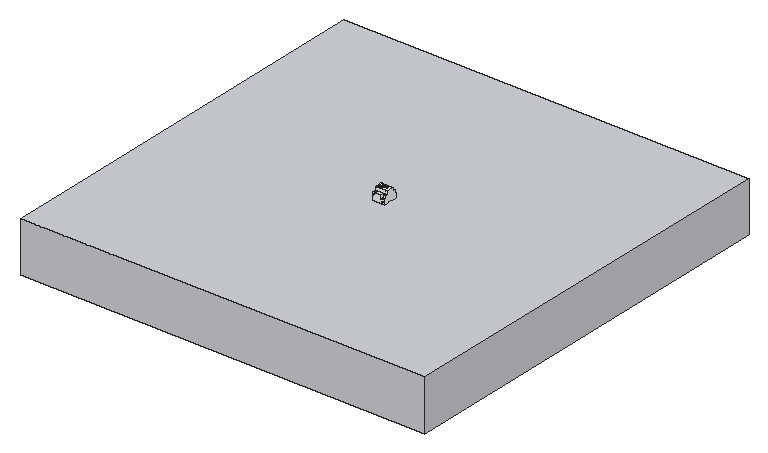
Revit family "Gira_100400", category Elektroinstallationen, Revit 2017
Family settings
  Basisbauteil = Fläche
  Beschriftungsausrichtung beibehalten = Nein
  Bemaßung runder Anschluss = Durchmesser verwenden
  Teiletyp = Normal
  Beim Laden mit Abzugskörper schneiden = Nein
  Gemeinsam genutzt = Nein
  Raumberechnungspunkt = Nein
Parameters (values of type "Schaltaktor 4f 16 A Hand KNX REG")
  Default Elevation = 1219.2 mm
  Vor Ort-/Handbedienung = yes
  URL = "https://www.gira.de/"
  Typname = "Schaltaktor 4f 16 A Hand KNX REG"
  Type Comments = ""
  Schutzart (IP) = "IP20"
  Produktseite = "https://media.stage.bim.site/t/eyJhbGciOiJIUzI1NiIsInR5cCI6IkpXVCJ9.eyJjdCI6MiwidHUiOiJodHRwOi8va2F0YWxvZy5naXJhLmRlL2RlX0RFL2RhdGVuYmxhdHQuaHRtbD9hcnRpa2VsbnI9MTAwNDAwIiwiY2lkIjoiMzI3N2NjMjMtODFhOS00ZWUzLWE5MGEtYjQ3YmI0YzBiNjE2IiwicmlkIjoiZTJiZWE1YmVhOTQ4MzJlODAyNTBmMDA1MTBkNjZiMmMiLCJwaWQiOiI0YWZiYzllMWUyZDU3MzllYTUwYWE2NDNiYzlkMDE5ZTc0ODNjYzgyIiwic2lkIjoiNjM0NzAiLCJ1dCI6MSwibGMiOiJkZSIsImlhdCI6MTYwMDkyNTMxNiwiaXNzIjoiaHR0cHM6Ly9hcGkubGl2ZS5iaW0uc2l0ZSIsInN1YiI6ImFkbWluQGJpbXNpdGUuZGV2In0.v5dzggECqdUkBkEJCDDJBdja8tjCE2T5GpUv-FGHa3s"
  Montageart = "REG"
  Model = ""
  Mit LED-Anzeige = no
  Mit Busankopplung = no
  Max. Anzahl der Schaltausgänge = 4
  Kosten = 0
  Hersteller = "Gira"
  HeinzeBIM = "https://www.heinze.de/bim/schaltaktor-4f-16-a-hand-knx-reg/4afbc9e1e2d5739ea50aa643bc9d019e7483cc82"
  HAN = "100400"
  Geeignet für C-Last = no
  GTIN = "4010337042174"
  Datenblatt 1 = "https://media.stage.bim.site/t/eyJhbGciOiJIUzI1NiIsInR5cCI6IkpXVCJ9.eyJjdCI6MSwidGYiOiJwdWJsaWMvZ2lyYS9hZThjNTU3LzEwMDQwMC50eHQiLCJjaWQiOiIzMjc3Y2MyMy04MWE5LTRlZTMtYTkwYS1iNDdiYjRjMGI2MTYiLCJyaWQiOiJlMmJlYTViZWE5NDgzMmU4MDI1MGYwMDUxMGQ2NmIyYyIsInBpZCI6IjRhZmJjOWUxZTJkNTczOWVhNTBhYTY0M2JjOWQwMTllNzQ4M2NjODIiLCJzaWQiOiI2MzQ3MCIsInV0IjoxLCJsYyI6ImRlIiwiaWF0IjoxNjAwOTI1MzE2LCJpc3MiOiJodHRwczovL2FwaS5saXZlLmJpbS5zaXRlIiwic3ViIjoiYWRtaW5AYmltc2l0ZS5kZXYifQ.cKGcUHFW8sEEMJpMCzDfmccPD8307wHZclVKcD9Hktg/100400.txt"
  Datenblatt = "https://media.stage.bim.site/t/eyJhbGciOiJIUzI1NiIsInR5cCI6IkpXVCJ9.eyJjdCI6MSwidHUiOiJodHRwczovL2thdGFsb2cuZ2lyYS5kZS9kZV9ERS9kb3dubG9hZC5odG1sP2FydGlrZWxucj0xMDA0MDAiLCJjaWQiOiIzMjc3Y2MyMy04MWE5LTRlZTMtYTkwYS1iNDdiYjRjMGI2MTYiLCJyaWQiOiJlMmJlYTViZWE5NDgzMmU4MDI1MGYwMDUxMGQ2NmIyYyIsInBpZCI6IjRhZmJjOWUxZTJkNTczOWVhNTBhYTY0M2JjOWQwMTllNzQ4M2NjODIiLCJzaWQiOiI2MzQ3MCIsInV0IjoxLCJsYyI6ImRlIiwiaWF0IjoxNjAwOTI1MzE2LCJpc3MiOiJodHRwczovL2FwaS5saXZlLmJpbS5zaXRlIiwic3ViIjoiYWRtaW5AYmltc2l0ZS5kZXYifQ.NA-z48PzS-k-FyCuqNgwmoikYhhh18K_b8jGPgCX8ys"
  Bussystem Powernet = no
  Bussystem LON = no
  Bussystem KNX-Funk = no
  Bussystem KNX = yes
  Bussystem Funkbus = no
  Breite in Teilungseinheiten = 4
  Beschreibung = "KNX Schaltaktor 4fach 16 A mit Handbetätigung  REG plus REG-Schaltaktoren mit integrierter Busankopplung. Zum Schalten von unabhängig ansteuerbaren Lastgruppen. Mit Handschalter zur Umschaltung des Relais (Ein Aus) parallel bzw. ohne KNX Betrieb. Anschluss mehrphasig. Keine zusätzliche Spannungsversorgung erforderlich.  Merkmale:  Handbetätigung der Relais unabhängig vom Bus bzw. der Schaltstellungsanzeige.  Schließer- oder Öffnerbetrieb.  Zentrale Schaltfunktion.  Sammelrückmeldung zur Reduzierung der Buslast.  Aktive oder passive (Objekt auslesbar) zyklische Rückmeldefunktion.  Rückmeldungen lassen sich nach Busspannungswiederkehr verzögern.  Logische Verknüpfungsfunktion für jeden Ausgang.  Sperrfunktion für jeden Kanal parametrierbar. Alternativ Zwangsstellungsfunktion für jeden Ausgang.  Zeitfunktionen (Ein- bzw. Ausschaltverzögerung, Treppenlichtfunktion - auch mit Vorwarnfunktion).  Einbeziehung in Lichtszenen möglich, max. acht interne Szenen je Kanal sind parametrierbar.  Speicherfunktion für Lichtszenen.  Betriebsstundenzähler als Vorwärts- Rückwärtszähler mit Grenzwertfunktion (Grenzwert über Bus veränderbar) für jeden Ausgang aktivierbar.  Eingangsüberwachung auf zyklische Aktualisierung mit Sicherheitsstellung.  Reaktionen bei Busspannungsausfall und -wiederkehr und nach einem ETS-Programmiervorgang für jeden Kanal einstellbar.  Unabhängiges Schalten der vier Ausgänge.  Hinweise :  Montage auf DIN-Hutschiene.  VDE-Zulassung gemäß EN 60669-1, EN 60669-2-1."
  Assembly Code = ""
  Keynote = ""
  BIMSITE_PRODUCT_ID = "4afbc9e1e2d5739ea50aa643bc9d019e7483cc82"
  BIM = "https://media.stage.bim.site/t/eyJhbGciOiJIUzI1NiIsInR5cCI6IkpXVCJ9.eyJjdCI6MSwidGYiOiJwdWJsaWMvZ2lyYS9hZThjNTU3L1JFRyA4Zi5yZmEiLCJjaWQiOiIzMjc3Y2MyMy04MWE5LTRlZTMtYTkwYS1iNDdiYjRjMGI2MTYiLCJyaWQiOiJlMmJlYTViZWE5NDgzMmU4MDI1MGYwMDUxMGQ2NmIyYyIsInBpZCI6IjRhZmJjOWUxZTJkNTczOWVhNTBhYTY0M2JjOWQwMTllNzQ4M2NjODIiLCJzaWQiOiI2MzQ3MCIsInV0Ijo1LCJsYyI6ImRlIiwiaWF0IjoxNjAwOTI1MzE2LCJpc3MiOiJodHRwczovL2FwaS5saXZlLmJpbS5zaXRlIiwic3ViIjoiYWRtaW5AYmltc2l0ZS5kZXYifQ.86Nk81VxBr9qriWKXVqhIg4m6njQ0xzZHwcF1hJqbmg/REG 8f.rfa"
  Anzahl der binären Eingänge = 4
  Andere Bussysteme = "ohne"
Reference planes
  plane 1 "Center (Front/Back)": y = 0
  plane 2: z = 0
  plane 3 "Center (Left/Right)": x = 0
Forms (mm)
  Extrusion 1, solid
    sketch origin (0, 0, 0) x (1, 0, 0) y (0, 1, 0)
      loop
        line (-1219.2, 1219.2) -> (-1219.2, -1219.2) -> (1219.2, -1219.2) -> (1219.2, 1219.2) -> (-1219.2, 1219.2)
    from 0 to -304.8
  Extrusion 2, solid, material "White", detail levels fine
    sketch origin (0, 0, 0) x (0, 1, 0) y (0, 0, 1)
      loop
        line (45.125, -2.619) -> (45.125, 24.95) -> (33.875, 24.95) -> (33.875, 43.8) -> (22.575, 43.8) -> (22.575, 62.05)
        arc (22.575, 62.05) -> (22.311, 62.686) -> (21.675, 62.95) r 0.9
        line (21.675, 62.95) -> (-21.175, 62.95)
        arc (-21.175, 62.95) -> (-21.785, 62.758) -> (-22.175, 62.25) r 1.064
        line (-22.175, 62.25) -> (-22.175, 43.8) -> (-44.725, 43.8) -> (-44.725, -2.619)
        arc (-44.725, -2.619) -> (-31.081, -5.433) -> (-17.243, -7.049) r 160
        line (-17.243, -7.049) -> (-13.165, -1.734) -> (-16.399, -0.807) -> (-16.399, 0) -> (17.8, 0) -> (17.8, -1.4) -> (16.8, -1.4) -> (14.749, -4.952)
        arc (14.749, -4.952) -> (18.64, -6.184) -> (22.7, -6.6) r 20
        arc (22.7, -6.6) -> (33.983, -5.009) -> (45.125, -2.619) r 160
    from -36 to 36
  Extrusion 3, void, detail levels fine
    sketch origin (0, 0, 0) x (1, 0, 0) y (0, 1, 0)
      loop
        circle (30, 26.925) r 2.55
      loop
        circle (21.75, 26.925) r 2.55
      loop
        circle (12.75, 26.925) r 2.55
      loop
        circle (4.5, 26.925) r 2.55
      loop
        circle (-4.5, 26.925) r 2.55
      loop
        circle (-12.75, 26.925) r 2.55
      loop
        circle (-21.75, 26.925) r 2.55
      loop
        circle (-30, 26.925) r 2.55
    from 37.936 to 43.8
  Extrusion 4, void, detail levels fine
    sketch origin (0, 11.25, -18.85) x (1, 0, 0) y (0, 1, 0)
      loop
        circle (30, 26.925) r 2.55
      loop
        circle (21.75, 26.925) r 2.55
      loop
        circle (12.75, 26.925) r 2.55
      loop
        circle (4.5, 26.925) r 2.55
      loop
        circle (-4.5, 26.925) r 2.55
      loop
        circle (-12.75, 26.925) r 2.55
      loop
        circle (-21.75, 26.925) r 2.55
      loop
        circle (-30, 26.925) r 2.55
    from 37.936 to 43.8
  Extrusion 5, void, detail levels fine
    sketch origin (0, 0, 0) x (1, 0, 0) y (0, 1, 0)
      loop
        circle (-13, -3.875) r 3
      loop
        circle (-23, -3.875) r 3
      loop
        circle (-23, -13.875) r 3
      loop
        circle (-13, -13.875) r 3
      loop
        circle (-29, -3.875) r 1.575
      loop
        circle (-29, -13.875) r 1.575
      loop
        circle (-7, -13.875) r 1.575
      loop
        circle (-15.4, 5.325) r 1.625
      loop
        circle (-11, 5.325) r 1.575
      loop
        circle (-6.6, 5.325) r 1.625
      loop
        circle (-2.2, 5.325) r 1.625
      loop
        circle (2.2, 5.325) r 1.625
      loop
        circle (6.6, 5.325) r 1.625
      loop
        circle (11, 5.325) r 1.575
      loop
        circle (15.4, 5.325) r 1.625
    from 58.253 to 62.95
  Extrusion 6, void, detail levels fine
    sketch origin (0, 0, 0) x (1, 0, 0) y (0, 1, 0)
      loop
        line (-32.175, -32.6) -> (-32.175, -34.9) -> (-31.24, -34.36) -> (-31.401, -37.165) -> (-32.175, -36.7) -> (-32.175, -44.875) -> (-20.175, -44.875) -> (-20.175, -37.33) -> (-19.075, -37.965) -> (-19.075, -33.635) -> (-20.175, -34.27) -> (-20.175, -32.6) -> (-32.175, -32.6)
    from 28.5 to 43.8
  Extrusion 7, solid, detail levels fine
    sketch origin (0, 0, 0) x (1, 0, 0) y (0, 1, 0)
      loop
        circle (-29.375, -36.2) r 0.5
      loop
        circle (-23.575, -36.2) r 0.5
    from 28.5 to 37.5
  Extrusion 8, void, detail levels fine
    sketch origin (0, 0, 0) x (1, 0, 0) y (0, 1, 0)
      loop
        line (15.289, -31.489) -> (15.289, -44.875) -> (36, -44.875) -> (36, -31.489) -> (15.289, -31.489)
    from 25 to 43.8
  Extrusion 9, void, detail levels fine
    sketch origin (0, 0, 0) x (1, 0, 0) y (0, 1, 0)
      loop
        circle (21.75, -37.925) r 2.55
      loop
        circle (30, -37.925) r 2.55
    from 19.086 to 24.95
  Extrusion 10, void, detail levels fine
    sketch origin (0, 0, 0) x (1, 0, 0) y (0, 0, 1)
      loop
        line (32.368, 26.75) -> (32.35, 28.865) -> (32.319, 32.45) -> (27.731, 32.45) -> (27.682, 26.75) -> (32.368, 26.75)
      loop
        line (24.118, 26.75) -> (24.1, 28.865) -> (24.069, 32.45) -> (19.481, 32.45) -> (19.432, 26.75) -> (24.118, 26.75)
      loop
        line (15.118, 26.75) -> (15.1, 28.865) -> (15.069, 32.45) -> (10.481, 32.45) -> (10.432, 26.75) -> (15.118, 26.75)
      loop
        line (6.868, 26.75) -> (6.85, 28.865) -> (6.819, 32.45) -> (2.231, 32.45) -> (2.182, 26.75) -> (6.868, 26.75)
      loop
        line (-2.182, 26.75) -> (-2.2, 28.865) -> (-2.231, 32.45) -> (-6.819, 32.45) -> (-6.868, 26.75) -> (-2.182, 26.75)
      loop
        line (-10.432, 26.75) -> (-10.45, 28.865) -> (-10.481, 32.45) -> (-15.069, 32.45) -> (-15.118, 26.75) -> (-10.432, 26.75)
      loop
        line (-19.35, 26.75) -> (-19.369, 28.865) -> (-19.4, 32.45) -> (-23.987, 32.45) -> (-24.037, 26.75) -> (-19.35, 26.75)
      loop
        line (-27.682, 26.75) -> (-27.7, 28.865) -> (-27.731, 32.45) -> (-32.319, 32.45) -> (-32.368, 26.75) -> (-27.682, 26.75)
    from -29.206 to -33.875
  Extrusion 11, void, detail levels fine
    sketch origin (0, 11.25, -19.567) x (1, 0, 0) y (0, 0, 1)
      loop
        line (32.368, 26.75) -> (32.35, 28.865) -> (32.319, 32.45) -> (27.731, 32.45) -> (27.682, 26.75) -> (32.368, 26.75)
      loop
        line (24.118, 26.75) -> (24.1, 28.865) -> (24.069, 32.45) -> (19.481, 32.45) -> (19.432, 26.75) -> (24.118, 26.75)
      loop
        line (15.118, 26.75) -> (15.1, 28.865) -> (15.069, 32.45) -> (10.481, 32.45) -> (10.432, 26.75) -> (15.118, 26.75)
      loop
        line (6.868, 26.75) -> (6.85, 28.865) -> (6.819, 32.45) -> (2.231, 32.45) -> (2.182, 26.75) -> (6.868, 26.75)
      loop
        line (-2.182, 26.75) -> (-2.2, 28.865) -> (-2.231, 32.45) -> (-6.819, 32.45) -> (-6.868, 26.75) -> (-2.182, 26.75)
      loop
        line (-10.432, 26.75) -> (-10.45, 28.865) -> (-10.481, 32.45) -> (-15.069, 32.45) -> (-15.118, 26.75) -> (-10.432, 26.75)
      loop
        line (-19.35, 26.75) -> (-19.369, 28.865) -> (-19.4, 32.45) -> (-23.987, 32.45) -> (-24.037, 26.75) -> (-19.35, 26.75)
      loop
        line (-27.682, 26.75) -> (-27.7, 28.865) -> (-27.731, 32.45) -> (-32.319, 32.45) -> (-32.368, 26.75) -> (-27.682, 26.75)
    from -29.206 to -33.875
  Extrusion 12, void, detail levels fine
    sketch origin (0, 0, 0) x (1, 0, 0) y (0, 0, 1)
      loop
        line (32.319, 12.883) -> (27.731, 12.883) -> (27.682, 7.183) -> (32.368, 7.183) -> (32.35, 9.298) -> (32.319, 12.883)
      loop
        line (24.069, 12.883) -> (19.481, 12.883) -> (19.432, 7.183) -> (24.118, 7.183) -> (24.1, 9.298) -> (24.069, 12.883)
    from 40.588 to 44.725
  Extrusion 13, solid, material "White", detail levels fine
    sketch origin (0, 0, 0) x (1, 0, 0) y (0, 1, 0)
      loop
        circle (-15.4, 5.325) r 1.625
      loop
        circle (-11, 5.325) r 1.575
      loop
        circle (-6.6, 5.325) r 1.625
      loop
        circle (-2.2, 5.325) r 1.625
      loop
        circle (2.2, 5.325) r 1.625
      loop
        circle (6.6, 5.325) r 1.625
      loop
        circle (11, 5.325) r 1.575
      loop
        circle (15.4, 5.325) r 1.625
      loop
        circle (-29, -3.875) r 1.575
      loop
        circle (-29, -13.875) r 1.575
      loop
        circle (-7, -13.875) r 1.575
    from 58.253 to 62.25
  Extrusion 14, solid, material "White", detail levels fine
    sketch origin (0, 0, 0) x (1, 0, 0) y (0, 1, 0)
      loop
        circle (-23, -3.875) r 3
      loop
        circle (-13, -3.875) r 3
      loop
        circle (-23, -13.875) r 3
      loop
        circle (-13, -13.875) r 3
    from 58.253 to 63.841
  Extrusion 15, solid, material "White", detail levels medium
    sketch origin (0, 0, 0) x (0, 1, 0) y (0, 0, 1)
      loop
        line (45.125, -7.049) -> (45.125, 24.95) -> (33.875, 24.95) -> (33.875, 43.8) -> (22.575, 43.8) -> (22.575, 63.841) -> (-22.175, 63.841) -> (-22.175, 43.8) -> (-44.725, 43.8) -> (-44.725, -7.049) -> (45.125, -7.049)
    from -36 to 36
  Extrusion 16, solid, material "White", detail levels coarse
    sketch origin (0, 0, 0) x (0, 1, 0) y (0, 0, 1)
      loop
        line (45.125, -7.049) -> (45.125, 63.841) -> (-44.725, 63.841) -> (-44.725, -7.049) -> (45.125, -7.049)
    from -36 to 36
Cuts and joins
  Extrusion 3, Extrusion 4, Extrusion 5, Extrusion 6, Extrusion 8, Extrusion 9, Extrusion 10, Extrusion 11, Extrusion 12 cuts Extrusion 2
Dimensions and locks
  aligned and locked: plane 2 to Extrusion 1
  aligned and locked: level to Extrusion 1
